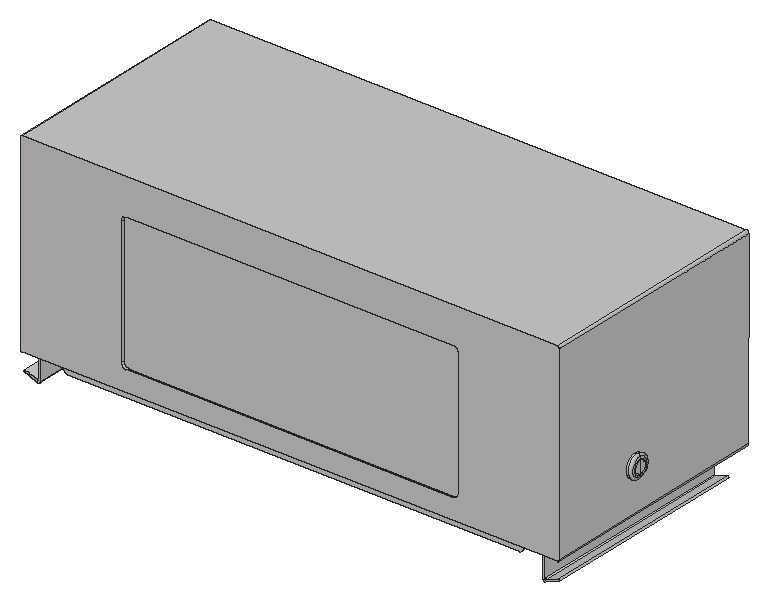
Revit family "PRD_AR_WstBns_RODANLidForWasteBin_RODX608", category Specialty Equipment, Revit 2018
Family settings
  Round Connector Dimension = Use Diameter
  Part Type = Normal
  OmniClass Number = 23.40.20.31
  OmniClass Title = Refuse Disposal Furniture
  Work Plane-Based = No
  Always vertical = Yes
  Cut with Voids When Loaded = No
  Shared = No
  Room Calculation Point = No
Parameters (values of type "RODX608")
  WasteBinMaterial = PRD_AR_StainlessSteel_SatinFinished_Perforated
  WarrantyStartDate [instance] = "1900-12-31T23:59:59"
  WarrantyGuarantorParts = "n/a"
  WarrantyGuarantorLabor = "n/a"
  WarrantyDurationUnit = "year"
  WarrantyDurationParts = "n/a"
  WarrantyDurationLabor = "n/a"
  WarrantyDescription = "n/a"
  Version = "1"
  Uniclass2015Version = "Products v1.10"
  Uniclass2015Title = "Waste bins"
  Uniclass2015Code = "Pr_40_50_07_96"
  URL = "www.kwc.com"
  TypeOfMounting = "On waste bin"
  TypeOfFixing = "Catch"
  TagNumber [instance] = "n/a"
  SustainabilityPerformance = "n/a"
  SurfaceTreatment = "n/a"
  Style = "n/a"
  SlotWidth = "350.00 mm"
  SlotHeight = "120.00 mm"
  Size = "210 x 192 x 480 mm"
  Shape = "n/a"
  SerialNumber [instance] = "n/a"
  Revision = "n/a"
  ReplacementCost = "n/a"
  ProductInformation = "https://pim.kwc.com/product/2000101357/attachment/datasheet?locale=en"
  NominalWidth = 480.00 mm
  NominalHeight = 192.00 mm
  NominalDepth = 210.00 mm
  NetWeight = 3.32 kg
  Name = "Folding Self-Closing Lid For Waste Bin RODX608"
  NBSTypeID = "n/a"
  NBSReference = "45-35-72/380"
  NBSOfficeMasterTag = "n/a"
  NBSNote = "n/a"
  NBSDescription = "Waste bins"
  NBSCertification = "n/a"
  ModelReference = "RODX608"
  ModelNumber = "2000101357"
  Model = ModelReference  # "RODX608"
  MaterialThickness = "0.80 mm"
  MaterialCode = "1.4301"
  Material = "stainless steel"
  ManufacturerURL = "www.kwc.com"
  ManufacturerName = "KWC Group AG"  # constant formula
  Manufacturer = ManufacturerName  # "KWC Group AG"
  MainColor = "stainless steel"
  Lock = "Key-lock"
  IsBuiltIn = "TRUE"
  IntegralAccessories = "n/a"
  InstallationDate [instance] = "1900-12-31T23:59:59"
  IfcExportType = "USERDEFINED"
  IfcExportAs = "IfcFurnitureType"
  GrossWeight = 3.93 kg
  Grade = "n/a"
  Finish = "satin finished"
  Features = "stainless steel, surface satin finished"
  ExpectedLife = "n/a"
  DurationUnit = "year"
  Description = "Folding self-closing lid for waste bin RODX607, stainless steel, surface satin finished, material thickness 0.8 mm, cylinder lock with KWC standard key, without waste bin."
  CreatedOn = "11/2019"  # constant formula
  Constituents = "n/a"
  Color = "n/a"
  CodePerformance = "n/a"
  Category = "Pr_40_50_07_96, Waste bins"
  BarCode [instance] = "n/a"
  BIMObjectName = "PRD_AR_WasteBins_RODANLidForWasteBin_RODX608"
  Author = "Archispace"  # constant formula
  AssetType = "Fixed"
  AssetIdentifier [instance] = "n/a"
  AccessibilityPerformance = "n/a"
Reference planes
  plane 1 "Center (Front/Back)": y = 0
  plane 2: z = 0
  plane 3 "Center (Left/Right)": x = 0
Forms (mm)
  Extrusion 1, solid, material "PRD_AR_StainlessSteel_SatinFinished_Perforated" <- "WasteBinMaterial", detail levels fine
    sketch origin (0, 94.215, 86) x (1, 0, 0) y (0, 0, 1)
      loop
        line (-242.798, 84) -> (-242.798, -84)
        arc (-242.798, -84) -> (-242.213, -85.414) -> (-240.798, -86) r 2
        line (-240.798, -86) -> (235.202, -86)
        arc (235.202, -86) -> (236.616, -85.414) -> (237.202, -84) r 2
        line (237.202, -84) -> (237.202, 84)
        arc (237.202, 84) -> (236.616, 85.414) -> (235.202, 86) r 2
        line (235.202, 86) -> (-240.798, 86)
        arc (-240.798, 86) -> (-242.213, 85.414) -> (-242.798, 84) r 2
    from 0 to 210
  Extrusion 2, solid, material "PRD_AR_StainlessSteel_SatinFinished_Perforated" <- "WasteBinMaterial", detail levels fine
    sketch origin (-10, 94.215, 86) x (1, 0, 0) y (0, 0, 1)
      loop
        line (-197.798, -86) -> (-197.798, -89.2)
        arc (-197.798, -89.2) -> (-196.627, -92.028) -> (-193.798, -93.2) r 4
        line (-193.798, -93.2) -> (207.202, -93.2)
        arc (207.202, -93.2) -> (210.737, -91.736) -> (212.202, -88.2) r 5
        line (212.202, -88.2) -> (212.202, -86) -> (-197.798, -86)
    from 205.497 to 204
  Extrusion 3, solid, material "PRD_AR_StainlessSteel_SatinFinished_Perforated" <- "WasteBinMaterial", detail levels fine
    sketch origin (6.71, 94.215, 86) x (1, 0, 0) y (0, 0, 1)
      loop
        line (214.202, -86) -> (214.202, -105.709)
        arc (214.202, -105.709) -> (214.939, -107.11) -> (216.511, -107.296) r 1.7
        line (216.511, -107.296) -> (229.046, -102.484) -> (228.508, -101.084) -> (216.797, -105.579)
        arc (216.797, -105.579) -> (216.051, -105.491) -> (215.702, -104.826) r 0.807
        line (215.702, -104.826) -> (215.702, -86) -> (214.202, -86)
      loop
        line (-233.218, -86) -> (-234.718, -86) -> (-234.718, -104.826)
        arc (-234.718, -104.826) -> (-235.068, -105.491) -> (-235.814, -105.579) r 0.807
        line (-235.814, -105.579) -> (-247.525, -101.084) -> (-248.062, -102.484) -> (-235.527, -107.296)
        arc (-235.527, -107.296) -> (-233.955, -107.11) -> (-233.218, -105.709) r 1.7
        line (-233.218, -105.709) -> (-233.218, -86)
    from 207.826 to 20
  Revolve 4, solid, material "PRD_AR_StainlessSteel_SatinFinished_Perforated" <- "WasteBinMaterial", detail levels fine
    sketch origin (223.202, -32.431, -457.5) x (0, 0, 1) y (1, 0, 0)
      loop
        line (508.475, 14) -> (508.475, 16.65)
        arc (508.475, 16.65) -> (507.889, 18.064) -> (506.475, 18.65) r 2
        line (506.475, 18.65) -> (504.716, 18.65)
        arc (504.716, 18.65) -> (504.35, 19.016) -> (503.85, 19.15) r 1
        line (503.85, 19.15) -> (498.5, 19.15) -> (498.5, 14) -> (508.475, 14)
      axis (498.5, 19.15) -> (498.5, 14)
    angle from 0 to 360
  Revolve 5, solid, material "PRD_AR_StainlessSteel_SatinFinished_Perforated" <- "WasteBinMaterial", detail levels medium
    sketch origin (223.202, -32.431, -457.5) x (0, 0, 1) y (1, 0, 0)
      loop
        line (508.475, 14) -> (508.475, 19.15) -> (498.5, 19.15) -> (498.5, 14) -> (508.475, 14)
      axis (498.5, 19.15) -> (498.5, 14)
    angle from 0 to 360
  Extrusion 6, void
    sketch origin (0, 94.215, 86) x (1, 0, 0) y (0, 0, 1)
      loop
        line (-2.798, 54) -> (-147.798, 54)
        arc (-147.798, 54) -> (-151.334, 52.536) -> (-152.798, 49) r 5
        line (-152.798, 49) -> (-152.798, -63)
        arc (-152.798, -63) -> (-151.334, -66.536) -> (-147.798, -68) r 5
        line (-147.798, -68) -> (142.202, -68)
        arc (142.202, -68) -> (145.737, -66.536) -> (147.202, -63) r 5
        line (147.202, -63) -> (147.202, 49)
        arc (147.202, 49) -> (145.737, 52.536) -> (142.202, 54) r 5
        line (142.202, 54) -> (-2.798, 54)
    from 210 to 207.826
  Extrusion 7, solid, material "PRD_AR_StainlessSteel_SatinFinished_Perforated" <- "WasteBinMaterial", detail levels medium
    sketch origin (0, 0, 0) x (1, 0, 0) y (0, 0, 1)
      loop
        line (-226.508, 0) -> (-235.025, 0) -> (-241.352, -16.484) -> (-228.818, -21.296)
        arc (-228.818, -21.296) -> (-227.245, -21.11) -> (-226.508, -19.709) r 1.7
        line (-226.508, -19.709) -> (-226.508, 0)
      loop
        line (220.912, 0) -> (220.912, -19.709)
        arc (220.912, -19.709) -> (221.649, -21.11) -> (223.221, -21.296) r 1.7
        line (223.221, -21.296) -> (235.756, -16.484) -> (229.428, 0) -> (220.912, 0)
    from -74.215 to 113.611
  Extrusion 8, solid, material "PRD_AR_StainlessSteel_SatinFinished_Perforated" <- "WasteBinMaterial", detail levels coarse
    sketch origin (0, 94.215, 86) x (1, 0, 0) y (0, 0, 1)
      loop
        line (-242.798, 86) -> (-242.798, -86) -> (237.202, -86) -> (237.202, 86) -> (-242.798, 86)
    from 0 to 210
  Extrusion 9, solid, material "PRD_AR_StainlessSteel_SatinFinished_Perforated" <- "WasteBinMaterial", detail levels medium
    sketch origin (0, 94.215, 86) x (1, 0, 0) y (0, 0, 1)
      loop
        line (-242.798, 84) -> (-242.798, -84)
        arc (-242.798, -84) -> (-242.213, -85.414) -> (-240.798, -86) r 2
        line (-240.798, -86) -> (235.202, -86)
        arc (235.202, -86) -> (236.616, -85.414) -> (237.202, -84) r 2
        line (237.202, -84) -> (237.202, 84)
        arc (237.202, 84) -> (236.616, 85.414) -> (235.202, 86) r 2
        line (235.202, 86) -> (-240.798, 86)
        arc (-240.798, 86) -> (-242.213, 85.414) -> (-242.798, 84) r 2
    from 0 to 210
Cuts and joins
  Extrusion 6 cuts Extrusion 1
Dimensions and locks
  aligned and locked: level to plane 2
